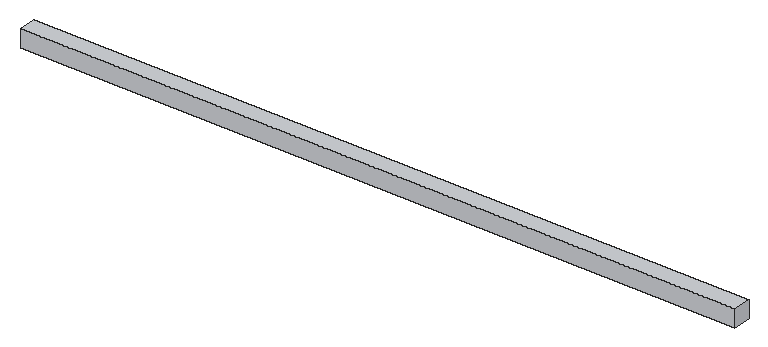
Revit family "BIM_ST_Scaff_Ledger_Shared", category Generic Models, Revit 2022
Family settings
  Can host rebar = No
  Round Connector Dimension = Use Diameter
  Part Type = Normal
  Work Plane-Based = No
  Always vertical = Yes
  Cut with Voids When Loaded = No
  Maintain Annotation Orientation = No
  Shared = Yes
  Room Calculation Point = No
Parameters
  Length [instance] = 0 mm
  Default Elevation = 0 mm
Reference planes
  plane 1 "Center (Front/Back)": y = 0
  plane 2: z = 0
  plane 3 "Center (Left/Right)": x = 0
Forms (mm)
  Extrusion 1, solid
    sketch origin (0, 0, 0) x (1, 0, 0) y (0, 1, 0)
      loop
        line (-900, -21.35) -> (900, -21.35) -> (900, 21.35) -> (-900, 21.35) -> (-900, -21.35)
    from 0 to 42.7
Dimensions and locks
  aligned and locked: level to plane 2
